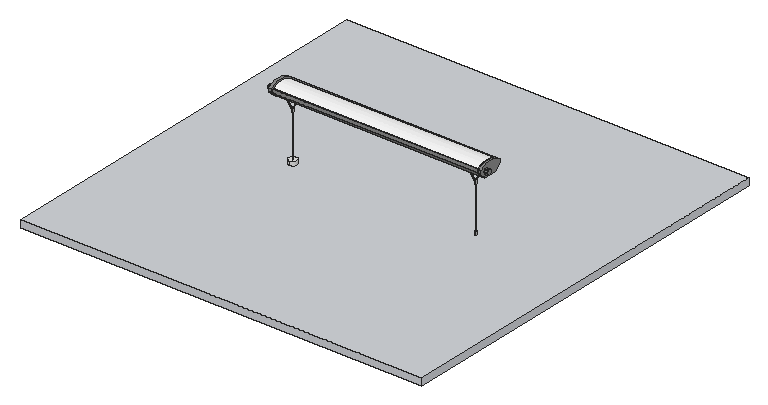
Revit family "Thorn FEROZ", category Lighting Fixtures, host Face, Revit 2016
Family settings
  Host = Face
  Part Type = Normal
  Round Connector Dimension = Use Diameter
  OmniClass Number = 23.80.70.11
  OmniClass Title = Luminaries for Internal Lighting
  Cut with Voids When Loaded = No
  Light Source = Yes
  Shared = No
  Room Calculation Point = No
Parameters (values of type "FEROZ LED10000 CL L1500")
  Width = 167 mm  # constant formula
  Wattage Comments = ""
  Wattage = 68.9973 W
  built-in parameter 1150110 = 1 (stored number, unit not read)
  Voltage = 230 V
  URL = "www.thornlighting.com/96630864"
  Type Comments = "© Thorn. We reserve the right to make technical changes without prior notice."  # constant formula
  built-in parameter 1114217 = 1 (stored number, unit not read)
  Tilt Angle = -90.00°
  built-in parameter 1150109 = 1 (stored number, unit not read)
  built-in parameter 1150134 = 12
  Suspension Value [instance] = if(Suspension Height < 200 mm, 0 mm, if(Suspension Height = 200 mm, 0 mm, Suspension Height - 90 mm))  # 410 mm
  Suspension Height [instance] = 500 mm
  Suspension [instance] = Thorn_Metal_Light_Grey
  built-in parameter 1150113 = 1 (stored number, unit not read)
  Show Suspension [instance] = Suspension Height > 200 mm  # yes
  Photometric Web File = "96630864_(STD).IES"
  Model = "96630864"
  Manufacturer = "Thorn Lighting"  # constant formula
  built-in parameter 1150105 = 815.59 (stored number, unit not read)
  Lumens = 10249 lm
  built-in parameter 1150115 = 1 (stored number, unit not read)
  built-in parameter 1150137 = (empty or 0)
  built-in parameter 1150139 = (empty or 0)
  Length = 1544 mm
  built-in parameter 1150112 = 1 (stored number, unit not read)
  built-in parameter 1150114 = 1 (stored number, unit not read)
  Lamp = "LED"  # constant formula
  built-in parameter 1150132 = 2
  built-in parameter 1150102 = (empty or 0)
  built-in parameter 1150107 = 4000 (stored number, unit not read)
  built-in parameter 1150138 = (empty or 0)
  built-in parameter 1150106 = 8.1559 (stored number, unit not read)
  Height = 90 mm  # constant formula
  Emit from Rectangle Width = Length - 100 mm  # 1444 mm
  Emit from Rectangle Length = Width  # 167 mm
  Emit Shape Visible in Rendering = no
  built-in parameter 1150104 = 13.8 (stored number, unit not read)
  Dimming Lamp Color Temperature Shift = <None>
  Description = "LED waterproof luminaire"  # constant formula
  Default Elevation = 0 mm
  Cover = Thorn_PMMA
  Color Filter = 16777215
  Body = Thorn_Metal_Grey
  built-in parameter 1114218 = 1 (stored number, unit not read)
  built-in parameter 1150133 = 10 (stored number, unit not read)
  Assembly Code = "D5020200"
  Apparent Load = 81.6 VA
Types (6, lengths in mm): name | Wattage | URL | Suspension | Photometric Web File | Model | built-in parameter 1150105 | Lumens | Length | built-in parameter 1150106 | Emit from Rectangle Width | Apparent Load
  FEROZ LED10000 CL L1500 | 68.9973 W | "www.thornlighting.com/96630864" | Thorn_Metal_Light_Grey | "96630864_(STD).IES" | "96630864" | 815.59 (stored number, unit not read) | 10249 lm | 1544 | 8.1559 (stored number, unit not read) | 1444 | 81.6 VA
  FEROZ LED2500 CL L600 | 17.2342 W | "www.thornlighting.com/96630862" | Thorn_Metal_Grey | "96630862_(STD).IES" | "96630862" | 918.27 (stored number, unit not read) | 2560 lm | 680 | 9.1827 (stored number, unit not read) | 580 | 19 VA
  FEROZ LED5400 CL L1200 | 17.2342 W | "www.thornlighting.com/96630863" | Thorn_Metal_Light_Grey | "96630863_(STD).IES" | "96630863" | 918.27 (stored number, unit not read) | 2560 lm | 1256 | 9.1827 (stored number, unit not read) | 1156 | 39.4 VA
  FEROZ LED2000 OP L600 | 13.2286 W | "www.thornlighting.com/96630867" | Thorn_Metal_Light_Grey | "96630867_(STD).IES" | "96630867" | 712.51 (stored number, unit not read) | 1965 lm | 680 | 7.1251 (stored number, unit not read) | 580 | 19 VA
  FEROZ LED4200 OP L1200 | 28.3085 W | "www.thornlighting.com/96630868" | Thorn_Metal_Light_Grey | "96630868_(STD).IES" | "96630868" | 1410.8 (stored number, unit not read) | 4205 lm | 1256 | 14.108 (stored number, unit not read) | 1156 | 39.4 VA
  FEROZ LED8000 OP L1500 | 54.7253 W | "www.thornlighting.com/96630869" | Thorn_Metal_Light_Grey | "96630869_(STD).IES" | "96630869" | 646.89 (stored number, unit not read) | 8129 lm | 1544 | 6.4689 (stored number, unit not read) | 1444 | 81.6 VA
Reference planes
  plane 1 "Center (Front/Back)": y = 0
  plane 2 "Top": z = 0
  plane 3 "Center (Left/Right)": x = 399.5
  plane 4: y = 83.5
  plane 5 "Bottom": y = -83.5
  plane 6 "Left": x = -372.5
  plane 7 "Right": x = 1171.5
  plane 8: z = 500
  plane 9: z = 410
  plane 10: x = 1141.5
  plane 11: x = 1121.5
  plane 12: x = -342.5
  plane 13: x = -322.5
  plane 14: z = 450
  plane 15: z = 475
  plane 16 "Axis Power": z = 454.495
  plane 17: y = -41.75
  plane 18 "Suspension Left": x = -242.5
  plane 19 "Suspension Right": x = 1041.5
Forms (mm)
  Extrusion 1, solid
    sketch origin (0, 0, 0) x (1, 0, 0) y (0, 1, 0)
      loop
        line (-1010.5, 1431.145) -> (-1010.5, -1431.145) -> (1809.5, -1431.145) -> (1809.5, 1431.145) -> (-1010.5, 1431.145)
    from 0 to -52.502
  Extrusion 2, solid, material "Thorn_Metal_Grey" <- "Body"
    sketch origin (-372.5, 0, 0) x (0, 1, 0) y (0, 0, 1)
      loop
        line (83.5, 450) -> (83.5, 475)
        arc (83.5, 475) -> (0, 500) -> (-83.5, 475) r 151.945
        line (-83.5, 475) -> (-83.5, 450) -> (-43.5, 410) -> (43.5, 410) -> (83.5, 450)
    from 30 to 50
  Extrusion 3, solid, material "Thorn_Metal_Grey" <- "Body"
    sketch origin (1171.5, 0, 0) x (0, 1, 0) y (0, 0, -1)
      loop
        line (83.5, -450) -> (43.5, -410) -> (-43.5, -410) -> (-83.5, -450) -> (-83.5, -475)
        arc (-83.5, -475) -> (0, -500) -> (83.5, -475) r 151.945
        line (83.5, -475) -> (83.5, -450)
    from 30 to 50
  Extrusion 4, solid, material "Thorn_Metal_Grey" <- "Body"
    sketch origin (399.5, 0, 0) x (0, 0, -1) y (0, -1, 0)
      loop
        line (-450, -83.5) -> (-410, -43.5) -> (-410, 43.5) -> (-450, 83.5) -> (-475, 83.5) -> (-475, 73.5)
        arc (-475, 73.5) -> (-494.743, 0) -> (-475, -73.5) r 146.688
        line (-475, -73.5) -> (-475, -83.5) -> (-450, -83.5)
    from -722 to 722
  Extrusion 5, solid, material "Thorn_Metal_Light_Grey" <- "Suspension", visible <- "Show Suspension", detail levels medium+fine
    sketch origin (1409.34, -475.958, 0) x (0, -1, 0) y (1, 0, 0)
      loop
        circle (-475.958, -1651.84) r 30
      loop
        circle (-475.958, -367.84) r 4
    from 0 to 20
Dimensions and locks
  "Length": plane 6 "Left" to plane 7 "Right"
  equal spacing: plane 6 "Left", plane 3 "Center (Left/Right)", plane 7 "Right"
  equal spacing: plane 5 "Bottom", plane 1 "Center (Front/Back)", plane 4
  "Width": plane 5 "Bottom" to plane 4
  locked: plane 8 to plane 9 at 90
  locked: plane 6 "Left" to plane 12 at 30
  locked: plane 10 to plane 7 "Right" at 30
  locked: plane 15 to plane 14 at 25
  locked: imposter light to plane 15 at 25
  locked: plane 12 to plane 13 at 20
  locked: plane 11 to plane 10 at 20
  "Suspension Value": plane 9 to plane 2 "Top"
  locked: plane 8 to plane 15 at 25
  locked: plane 16 "Axis Power" to plane 9 at 44.495
  locked: plane 17 to plane 5 "Bottom" at 41.75
  locked: plane 12 to plane 18 "Suspension Left" at 100
  locked: plane 19 "Suspension Right" to plane 10 at 100
  aligned and locked: Extrusion 1 to plane 2 "Top"
  aligned and locked: plane 8 to imposter light
  aligned and locked: Extrusion 3 to plane 11
  aligned and locked: plane 10 to Extrusion 3
  aligned and locked: Extrusion 2 to plane 13
  aligned and locked: Extrusion 2 to plane 12
  aligned and locked: Extrusion 4 to plane 13
  aligned and locked: plane 11 to Extrusion 4
  aligned and locked: plane 10 to nested 1
  aligned and locked: nested 2 to plane 12
  aligned and locked: plane 16 "Axis Power" to nested 2
  aligned and locked: nested 1 to plane 16 "Axis Power"
  aligned and locked: nested 2 to plane 17
  aligned and locked: nested 1 to plane 17
  aligned and locked: plane 1 "Center (Front/Back)" to nested 3
  aligned and locked: nested 3 to plane 18 "Suspension Left"
  aligned and locked: nested 4 to plane 19 "Suspension Right"
  aligned and locked: imposter light to plane 1 "Center (Front/Back)"
Automatic sketch dimensions
  Extrusion 1 sketch curve to Extrusion 1 sketch curve = 2820 mm
  Extrusion 1 sketch curve to Extrusion 1 sketch curve = 2862.29 mm
  Extrusion 2 sketch curve to plane 5 "Bottom" = 0 mm
  Extrusion 2 sketch curve to plane 9 = 0 mm
  Extrusion 2 sketch curve to plane 1 "Center (Front/Back)" = 0 mm
  Extrusion 2 sketch curve to plane 4 = 0 mm
  Extrusion 2 sketch curve to plane 14 = 0 mm  (x2)
  Extrusion 2 sketch curve to plane 15 = 0 mm
  Extrusion 2 sketch curve to plane 17 = 1.75 mm
  Extrusion 2 sketch curve to plane 4 = 40 mm
  Extrusion 3 sketch curve to plane 5 "Bottom" = 0 mm
  Extrusion 3 sketch curve to plane 9 = 0 mm
  Extrusion 3 sketch curve to plane 1 "Center (Front/Back)" = 0 mm
  Extrusion 3 sketch curve to plane 4 = 0 mm
  Extrusion 3 sketch curve to plane 14 = 0 mm  (x2)
  Extrusion 3 sketch curve to plane 15 = 0 mm
  plane 17 to Extrusion 3 sketch curve = 1.75 mm
  plane 4 to Extrusion 3 sketch curve = 40 mm
  Extrusion 4 sketch curve to plane 15 = 0 mm  (x2)
  Extrusion 4 sketch curve to plane 4 = 0 mm
  Extrusion 4 sketch curve to plane 5 "Bottom" = 0 mm
  Extrusion 4 sketch curve to plane 14 = 0 mm  (x2)
  Extrusion 4 sketch curve to plane 9 = 0 mm
  Extrusion 4 sketch curve to plane 1 "Center (Front/Back)" = 0 mm
  Extrusion 4 sketch curve to plane 4 = 10 mm
  Extrusion 4 sketch curve to plane 4 = 40 mm
  Extrusion 4 sketch curve to plane 17 = 1.75 mm
  plane 1 "Center (Front/Back)" to Extrusion 5 sketch curve = 0 mm  (x2)
  Extrusion 5 sketch curve to plane 18 "Suspension Left" = 0 mm
  Extrusion 5 sketch curve to plane 19 "Suspension Right" = 0 mm
  Extrusion 2 sketch curve to plane 9 = 61.945 mm
  plane 9 to Extrusion 3 sketch curve = 61.945 mm
  Extrusion 4 sketch curve to plane 9 = 61.945 mm
  radius of Extrusion 5 sketch curve = 30 mm
  radius of Extrusion 5 sketch curve = 4 mm
Nested families
  nested 1: "Power" at (1141.5, -41.75, 454.495), type "Power"
  nested 2: "Power" at (-342.5, -41.75, 454.495) x (-1, 0, 0) z (0, 0, 1), type "Power"
  nested 3: "Suspension" at (-242.5, 0, 0), type "Suspension"
    with Suspension Thorn_Metal_Light_Grey, Suspension Value 410 mm, Suspension Height 500 mm
  nested 4: "Suspension" at (1041.5, 0, 0) x (-1, 0, 0) z (0, 0, 1), Suspension <- "Suspension", type "Suspension"
    with Suspension Thorn_Metal_Light_Grey, Suspension Value 410 mm, Suspension Height 500 mm
Connectors
  electrical at (-372.5, -41.75, 454.495), driven by "Apparent Load", driven by "Voltage"
    settings: on nested 2, index 1, voltage 230 V, apparent load 81.6 VA, apparent load phase1 0 VA, apparent load phase2 0 VA, apparent load phase3 0 VA, power factor 1, load classification "Lighting", number of poles 1, system type 30, power factor state 1, is connector primary yes, connector utility no, sub classification motor no, connector description "Power"
Definition of nested family "Power"
  Parameters (values of type "Family1")
    Body = none
  Reference planes
    plane 1 "Light Source Axis (F/B)": y = 0
    plane 2: z = 0
    plane 3 "Light Source Axis (L/R)": x = 0
    plane 4 "Light Source Elevation": z = 0
  Forms (mm)
    Extrusion 1, solid, material <- "Body", detail levels medium+fine
      sketch origin (30, 0, -544.495) x (0, 1, 0) y (0, 0, -1)
        loop
          line (-8.44, -559.113) -> (8.44, -559.113) -> (16.879, -544.495) -> (8.44, -529.877) -> (-8.44, -529.877) -> (-16.879, -544.495) -> (-8.44, -559.113)
      from 25 to 30
    Extrusion 2, solid, material <- "Body", detail levels medium+fine
      sketch origin (30, 0, -544.495) x (0, 1, 0) y (0, 0, -1)
        loop
          circle (0, -544.495) r 12.5
      from 17.045 to 25
    Extrusion 3, solid, material <- "Body", detail levels medium+fine
      sketch origin (30, 0, -544.495) x (0, 1, 0) y (0, 0, -1)
        loop
          line (-8.44, -559.113) -> (8.44, -559.113) -> (16.879, -544.495) -> (8.44, -529.877) -> (-8.44, -529.877) -> (-16.879, -544.495) -> (-8.44, -559.113)
      from 5.032 to 17.045
    Extrusion 4, solid, material <- "Body", detail levels medium+fine
      sketch origin (30, 0, -544.495) x (0, 1, 0) y (0, 0, -1)
        loop
          circle (0, -544.495) r 12.5
      from 0 to 5.032
    Extrusion 5, solid, material <- "Body", detail levels coarse
      sketch origin (0, 0, 0) x (0, 1, 0) y (0, 0, 1)
        loop
          circle (0, 0) r 14.618
      from 0 to 30
  Dimensions and locks
    aligned and locked: level to plane 2
Definition of nested family "Suspension"
  Parameters (values of type "Suspension")
    Suspension Value = if(Suspension Height = 0 mm, 300 mm, if(Suspension Height < 200 mm, Suspension Height - 90 mm, Suspension Height - 90 mm))  # 210 mm
    Suspension Height = 300 mm
    Suspension [instance] = none
    Show Suspension = yes
  Reference planes
    plane 1 "Light Source Axis (F/B)": y = 0
    plane 2: z = 0
    plane 3 "Light Source Axis (L/R)": x = 0
    plane 4 "Light Source Elevation": z = 0
    plane 5: z = 20
    plane 6: z = 210
    plane 7: z = 146.792
    plane 8: z = 121.792
  Forms (mm)
    Extrusion 1, solid, material <- "Suspension", visible <- "Show Suspension"
      sketch origin (661.466, 0, 85) x (0, -1, 0) y (1, 0, 0)
        loop
          circle (0, -661.466) r 4
      from 36.792 to 61.792
    Extrusion 2, solid, material <- "Suspension", visible <- "Show Suspension"
      sketch origin (639.464, 0, 65) x (0, -1, 0) y (1, 0, 0)
        loop
          circle (0, -639.464) r 1.5
      from -45 to 56.792
    Sweep 3, solid, material <- "Suspension", visible <- "Show Suspension"
      path origin (0, 0, 0) x (0, 0, 1) y (0, -1, 0)
        loop
          line (210, -38.5) -> (198.692, -38.5) -> (143.951, -7.748)
          arc (143.951, -7.748) -> (142.085, -5.914) -> (141.4, -3.389) r 5
          line (141.4, -3.389) -> (141.4, 3.389)
          arc (141.4, 3.389) -> (142.085, 5.914) -> (143.951, 7.748) r 5
          line (143.951, 7.748) -> (198.692, 38.5) -> (210, 38.5)
      profile origin (0, 38.5, 204.346) x (-1, 0, 0) y (0, -1, 0)
        loop
          circle (0, 0) r 1.498
  Cuts and joins
    joined: Extrusion 1, Sweep 3
  Dimensions and locks
    locked: plane 4 "Light Source Elevation" to plane 5 at 20
    plane 6 to plane 7 to plane 8 = 63.208 mm locked, 25 mm locked
    "Suspension Value": plane 4 "Light Source Elevation" to plane 6
    aligned and locked: level to plane 2
    aligned and locked: plane 7 to Extrusion 1
    aligned and locked: Extrusion 1 to plane 8
    aligned and locked: plane 8 to Extrusion 2
  Automatic sketch dimensions
    plane 1 "Light Source Axis (F/B)" to Extrusion 1 sketch curve = 0 mm
    Extrusion 1 sketch curve to plane 3 "Light Source Axis (L/R)" = 0 mm
    plane 1 "Light Source Axis (F/B)" to Extrusion 2 sketch curve = 0 mm
    Extrusion 2 sketch curve to plane 3 "Light Source Axis (L/R)" = 0 mm
    Sweep 3 sketch curve to plane 6 = 0 mm  (x2)
    plane 6 to Sweep 3 sketch curve = 11.308 mm  (x2)
    plane 7 to Sweep 3 sketch curve = 0.392 mm  (x2)
    plane 7 to Sweep 3 sketch curve = 2.841 mm  (x2)
    Sweep 3 sketch curve to Sweep 3 sketch curve = 5 mm
    plane 1 "Light Source Axis (F/B)" to Sweep 3 sketch curve = 38.5 mm
    plane 1 "Light Source Axis (F/B)" to Sweep 3 sketch curve = 7.748 mm
    Sweep 3 sketch curve to plane 1 "Light Source Axis (F/B)" = 3.389 mm
    Sweep 3 sketch curve to plane 1 "Light Source Axis (F/B)" = 38.5 mm
    Sweep 3 sketch curve to profile plane = 0 mm  (x2)
    radius of Extrusion 1 sketch curve = 4 mm
    radius of Extrusion 2 sketch curve = 1.5 mm
    radius of Sweep 3 sketch curve = 1.498 mm
